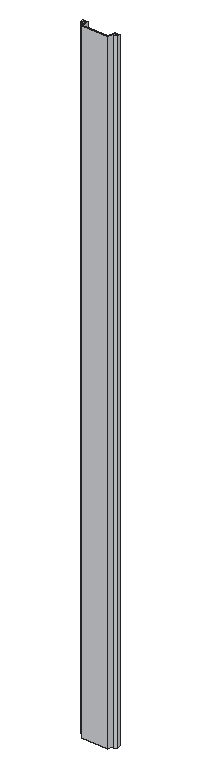
Revit family "鋼板樁", category 一般模型, Revit 2014
Parameters
  b = 200 mm
  a = -7800 mm
Reference planes
  plane 1 "中心 (前/後)": y = 0
  plane 2: z = 0
  plane 3 "中心 (左/右)": x = 0
Forms (mm)
  Extrusion 1, solid
    sketch origin (0, 0, 0) x (1, 0, 0) y (0, 1, 0)
      loop
        line (61.539, -102.012) -> (397.257, -102.012) -> (411.894, -15.5) -> (443.296, -15.5) -> (443.296, -34.012) -> (425.618, -51.689) -> (433.368, -59.439) -> (458.796, -34.012) -> (458.796, 0) -> (398.796, 0) -> (384.159, -86.512) -> (74.637, -86.512) -> (60, 0) -> (0, 0) -> (0, -34.012) -> (25.428, -59.439) -> (33.178, -51.689) -> (15.5, -34.012) -> (15.5, -15.5) -> (46.902, -15.5) -> (61.539, -102.012)
    from 200 <- "b" to -7800 <- "a"
Dimensions and locks
  aligned and locked: level to plane 2
